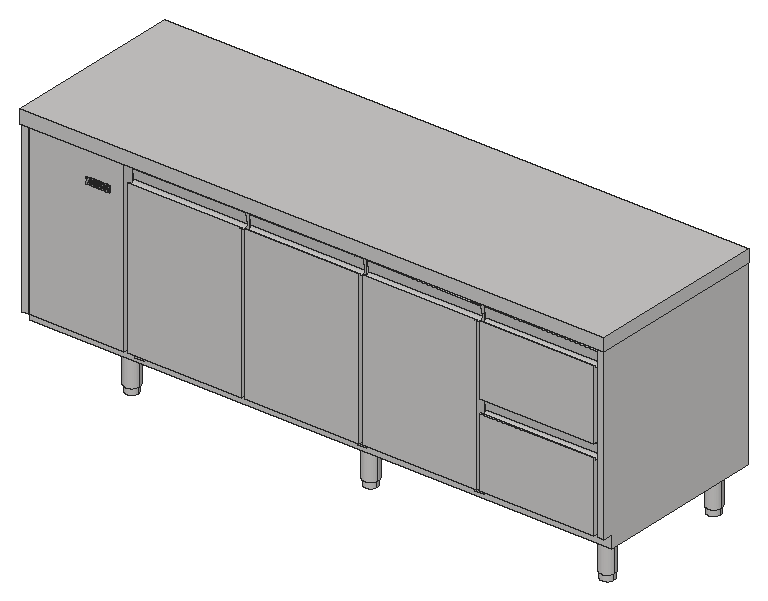
Revit family "QF_ZANUSSI_111057_ZH4HBAAAB", category Specialty Equipment, Revit 2018 (continued)
Definition of nested family "ZAN_Cooling Unit"
  Lines and regions (mm)
    Split face 122
      outline origin (55.016, 2, -209.119) x (0, 0, 1) y (-1, 0, 0)
        loop
          line (510.649, 116.535) -> (510.649, 158.547)
    Split face 123
      outline origin (55.016, 2, -221.122) x (0, 0, 1) y (-1, 0, 0)
        loop
          arc (510.649, 158.547) -> (506.648, 162.548) -> (502.647, 158.547) r 4.001
          line (502.647, 158.547) -> (502.647, 116.535)
          arc (502.647, 116.535) -> (506.648, 112.533) -> (510.649, 116.535) r 4.001
          line (510.649, 116.535) -> (510.649, 158.547)
    Split face 124
      outline origin (55.016, 2, -233.126) x (0, 0, 1) y (-1, 0, 0)
        loop
          arc (510.649, 158.547) -> (506.648, 162.548) -> (502.647, 158.547) r 4.001
          line (502.647, 158.547) -> (502.647, 116.535)
          arc (502.647, 116.535) -> (506.648, 112.533) -> (510.649, 116.535) r 4.001
          line (510.649, 116.535) -> (510.649, 158.547)
    Split face 125
      outline origin (55.016, 2, -245.129) x (0, 0, 1) y (-1, 0, 0)
        loop
          arc (510.649, 158.547) -> (506.648, 162.548) -> (502.647, 158.547) r 4.001
          line (502.647, 158.547) -> (502.647, 116.535)
          arc (502.647, 116.535) -> (506.648, 112.533) -> (510.649, 116.535) r 4.001
          line (510.649, 116.535) -> (510.649, 158.547)
    Split face 126
      outline origin (55.016, 2, -257.133) x (0, 0, 1) y (-1, 0, 0)
        loop
          arc (510.649, 158.547) -> (506.648, 162.548) -> (502.647, 158.547) r 4.001
          line (502.647, 158.547) -> (502.647, 116.535)
          arc (502.647, 116.535) -> (506.648, 112.533) -> (510.649, 116.535) r 4.001
          line (510.649, 116.535) -> (510.649, 158.547)
    Split face 127
      outline origin (55.016, 2, -269.136) x (0, 0, 1) y (-1, 0, 0)
        loop
          arc (510.649, 158.547) -> (506.648, 162.548) -> (502.647, 158.547) r 4.001
          line (502.647, 158.547) -> (502.647, 116.535)
          arc (502.647, 116.535) -> (506.648, 112.533) -> (510.649, 116.535) r 4.001
          line (510.649, 116.535) -> (510.649, 158.547)
    Split face 128
      outline origin (55.016, 2, -281.14) x (0, 0, 1) y (-1, 0, 0)
        loop
          arc (510.649, 158.547) -> (506.648, 162.548) -> (502.647, 158.547) r 4.001
          line (502.647, 158.547) -> (502.647, 116.535)
          arc (502.647, 116.535) -> (506.648, 112.533) -> (510.649, 116.535) r 4.001
          line (510.649, 116.535) -> (510.649, 158.547)
    Split face 129
      outline origin (55.016, 2, -293.144) x (0, 0, 1) y (-1, 0, 0)
        loop
          arc (510.649, 158.547) -> (506.648, 162.548) -> (502.647, 158.547) r 4.001
          line (502.647, 158.547) -> (502.647, 116.535)
          arc (502.647, 116.535) -> (506.648, 112.533) -> (510.649, 116.535) r 4.001
          line (510.649, 116.535) -> (510.649, 158.547)
    Split face 130
      outline origin (110.032, 2, -113.091) x (0, 0, 1) y (-1, 0, 0)
        loop
          arc (510.649, 158.547) -> (506.648, 162.548) -> (502.647, 158.547) r 4.001
          line (502.647, 158.547) -> (502.647, 116.535)
          arc (502.647, 116.535) -> (506.648, 112.533) -> (510.649, 116.535) r 4.001
          line (510.649, 116.535) -> (510.649, 158.547)
    Split face 131
      outline origin (110.032, 2, -125.094) x (0, 0, 1) y (-1, 0, 0)
        loop
          arc (510.649, 158.547) -> (506.648, 162.548) -> (502.647, 158.547) r 4.001
          line (502.647, 158.547) -> (502.647, 116.535)
          arc (502.647, 116.535) -> (506.648, 112.533) -> (510.649, 116.535) r 4.001
          line (510.649, 116.535) -> (510.649, 158.547)
    Split face 132
      outline origin (110.032, 2, -137.098) x (0, 0, 1) y (-1, 0, 0)
        loop
          arc (510.649, 158.547) -> (506.648, 162.548) -> (502.647, 158.547) r 4.001
          line (502.647, 158.547) -> (502.647, 116.535)
          arc (502.647, 116.535) -> (506.648, 112.533) -> (510.649, 116.535) r 4.001
          line (510.649, 116.535) -> (510.649, 158.547)
    Split face 133
      outline origin (110.032, 2, -149.101) x (0, 0, 1) y (-1, 0, 0)
        loop
          arc (510.649, 158.547) -> (506.648, 162.548) -> (502.647, 158.547) r 4.001
          line (502.647, 158.547) -> (502.647, 116.535)
          arc (502.647, 116.535) -> (506.648, 112.533) -> (510.649, 116.535) r 4.001
          line (510.649, 116.535) -> (510.649, 158.547)
    Split face 134
      outline origin (110.032, 2, -161.105) x (0, 0, 1) y (-1, 0, 0)
        loop
          arc (510.649, 158.547) -> (506.648, 162.548) -> (502.647, 158.547) r 4.001
          line (502.647, 158.547) -> (502.647, 116.535)
          arc (502.647, 116.535) -> (506.648, 112.533) -> (510.649, 116.535) r 4.001
          line (510.649, 116.535) -> (510.649, 158.547)
    Split face 135
      outline origin (110.032, 2, -173.108) x (0, 0, 1) y (-1, 0, 0)
        loop
          arc (510.649, 158.547) -> (506.648, 162.548) -> (502.647, 158.547) r 4.001
          line (502.647, 158.547) -> (502.647, 116.535)
          arc (502.647, 116.535) -> (506.648, 112.533) -> (510.649, 116.535) r 4.001
          line (510.649, 116.535) -> (510.649, 158.547)
    Split face 136
      outline origin (110.032, 2, -185.112) x (0, 0, 1) y (-1, 0, 0)
        loop
          arc (510.649, 158.547) -> (506.648, 162.548) -> (502.647, 158.547) r 4.001
          line (502.647, 158.547) -> (502.647, 116.535)
          arc (502.647, 116.535) -> (506.648, 112.533) -> (510.649, 116.535) r 4.001
          line (510.649, 116.535) -> (510.649, 158.547)
    Split face 137
      outline origin (110.032, 2, -197.115) x (0, 0, 1) y (-1, 0, 0)
        loop
          arc (510.649, 158.547) -> (506.648, 162.548) -> (502.647, 158.547) r 4.001
          line (502.647, 158.547) -> (502.647, 116.535)
          arc (502.647, 116.535) -> (506.648, 112.533) -> (510.649, 116.535) r 4.001
          line (510.649, 116.535) -> (510.649, 158.547)
    Split face 138
      outline origin (110.032, 2, -209.119) x (0, 0, 1) y (-1, 0, 0)
        loop
          arc (510.649, 158.547) -> (506.648, 162.548) -> (502.647, 158.547) r 4.001
          line (502.647, 158.547) -> (502.647, 116.535)
          arc (502.647, 116.535) -> (506.648, 112.533) -> (510.649, 116.535) r 4.001
          line (510.649, 116.535) -> (510.649, 158.547)
    Split face 139
      outline origin (110.032, 2, -221.122) x (0, 0, 1) y (-1, 0, 0)
        loop
          arc (510.649, 158.547) -> (506.648, 162.548) -> (502.647, 158.547) r 4.001
          line (502.647, 158.547) -> (502.647, 116.535)
          arc (502.647, 116.535) -> (506.648, 112.533) -> (510.649, 116.535) r 4.001
          line (510.649, 116.535) -> (510.649, 158.547)
    Split face 140
      outline origin (110.032, 2, -233.126) x (0, 0, 1) y (-1, 0, 0)
        loop
          arc (510.649, 158.547) -> (506.648, 162.548) -> (502.647, 158.547) r 4.001
          line (502.647, 158.547) -> (502.647, 116.535)
          arc (502.647, 116.535) -> (506.648, 112.533) -> (510.649, 116.535) r 4.001
          line (510.649, 116.535) -> (510.649, 158.547)
    Split face 141
      outline origin (110.032, 2, -245.129) x (0, 0, 1) y (-1, 0, 0)
        loop
          arc (510.649, 158.547) -> (506.648, 162.548) -> (502.647, 158.547) r 4.001
          line (502.647, 158.547) -> (502.647, 116.535)
          arc (502.647, 116.535) -> (506.648, 112.533) -> (510.649, 116.535) r 4.001
          line (510.649, 116.535) -> (510.649, 158.547)
    Split face 142
      outline origin (110.032, 2, -257.133) x (0, 0, 1) y (-1, 0, 0)
        loop
          arc (510.649, 158.547) -> (506.648, 162.548) -> (502.647, 158.547) r 4.001
          line (502.647, 158.547) -> (502.647, 116.535)
          arc (502.647, 116.535) -> (506.648, 112.533) -> (510.649, 116.535) r 4.001
          line (510.649, 116.535) -> (510.649, 158.547)
    Split face 143
      outline origin (110.032, 2, -269.136) x (0, 0, 1) y (-1, 0, 0)
        loop
          arc (510.649, 158.547) -> (506.648, 162.548) -> (502.647, 158.547) r 4.001
          line (502.647, 158.547) -> (502.647, 116.535)
          arc (502.647, 116.535) -> (506.648, 112.533) -> (510.649, 116.535) r 4.001
          line (510.649, 116.535) -> (510.649, 158.547)
    Split face 144
      outline origin (110.032, 2, -281.14) x (0, 0, 1) y (-1, 0, 0)
        loop
          arc (510.649, 158.547) -> (506.648, 162.548) -> (502.647, 158.547) r 4.001
          line (502.647, 158.547) -> (502.647, 116.535)
          arc (502.647, 116.535) -> (506.648, 112.533) -> (510.649, 116.535) r 4.001
          line (510.649, 116.535) -> (510.649, 158.547)
    Split face 145
      outline origin (110.032, 2, -293.144) x (0, 0, 1) y (-1, 0, 0)
        loop
          arc (510.649, 158.547) -> (506.648, 162.548) -> (502.647, 158.547) r 4.001
          line (502.647, 158.547) -> (502.647, 116.535)
          arc (502.647, 116.535) -> (506.648, 112.533) -> (510.649, 116.535) r 4.001
          line (510.649, 116.535) -> (510.649, 158.547)
    Split face 146
      outline origin (165.048, 2, -113.091) x (0, 0, 1) y (-1, 0, 0)
        loop
          arc (510.649, 158.547) -> (506.648, 162.548) -> (502.647, 158.547) r 4.001
          line (502.647, 158.547) -> (502.647, 116.535)
          arc (502.647, 116.535) -> (506.648, 112.533) -> (510.649, 116.535) r 4.001
          line (510.649, 116.535) -> (510.649, 158.547)
    Split face 147
      outline origin (165.048, 2, -125.094) x (0, 0, 1) y (-1, 0, 0)
        loop
          arc (510.649, 158.547) -> (506.648, 162.548) -> (502.647, 158.547) r 4.001
          line (502.647, 158.547) -> (502.647, 116.535)
          arc (502.647, 116.535) -> (506.648, 112.533) -> (510.649, 116.535) r 4.001
          line (510.649, 116.535) -> (510.649, 158.547)
    Split face 148
      outline origin (165.048, 2, -137.098) x (0, 0, 1) y (-1, 0, 0)
        loop
          arc (510.649, 158.547) -> (506.648, 162.548) -> (502.647, 158.547) r 4.001
          line (502.647, 158.547) -> (502.647, 116.535)
          arc (502.647, 116.535) -> (506.648, 112.533) -> (510.649, 116.535) r 4.001
          line (510.649, 116.535) -> (510.649, 158.547)
    Split face 149
      outline origin (165.048, 2, -149.101) x (0, 0, 1) y (-1, 0, 0)
        loop
          arc (510.649, 158.547) -> (506.648, 162.548) -> (502.647, 158.547) r 4.001
          line (502.647, 158.547) -> (502.647, 116.535)
          arc (502.647, 116.535) -> (506.648, 112.533) -> (510.649, 116.535) r 4.001
          line (510.649, 116.535) -> (510.649, 158.547)
    Split face 150
      outline origin (165.048, 2, -161.105) x (0, 0, 1) y (-1, 0, 0)
        loop
          arc (510.649, 158.547) -> (506.648, 162.548) -> (502.647, 158.547) r 4.001
          line (502.647, 158.547) -> (502.647, 116.535)
          arc (502.647, 116.535) -> (506.648, 112.533) -> (510.649, 116.535) r 4.001
          line (510.649, 116.535) -> (510.649, 158.547)
    Split face 151
      outline origin (165.048, 2, -173.108) x (0, 0, 1) y (-1, 0, 0)
        loop
          arc (510.649, 158.547) -> (506.648, 162.548) -> (502.647, 158.547) r 4.001
          line (502.647, 158.547) -> (502.647, 116.535)
          arc (502.647, 116.535) -> (506.648, 112.533) -> (510.649, 116.535) r 4.001
          line (510.649, 116.535) -> (510.649, 158.547)
    Split face 152
      outline origin (165.048, 2, -185.112) x (0, 0, 1) y (-1, 0, 0)
        loop
          arc (510.649, 158.547) -> (506.648, 162.548) -> (502.647, 158.547) r 4.001
          line (502.647, 158.547) -> (502.647, 116.535)
          arc (502.647, 116.535) -> (506.648, 112.533) -> (510.649, 116.535) r 4.001
          line (510.649, 116.535) -> (510.649, 158.547)
    Split face 153
      outline origin (165.048, 2, -197.115) x (0, 0, 1) y (-1, 0, 0)
        loop
          arc (510.649, 158.547) -> (506.648, 162.548) -> (502.647, 158.547) r 4.001
          line (502.647, 158.547) -> (502.647, 116.535)
          arc (502.647, 116.535) -> (506.648, 112.533) -> (510.649, 116.535) r 4.001
          line (510.649, 116.535) -> (510.649, 158.547)
    Split face 154
      outline origin (165.048, 2, -209.119) x (0, 0, 1) y (-1, 0, 0)
        loop
          arc (510.649, 158.547) -> (506.648, 162.548) -> (502.647, 158.547) r 4.001
          line (502.647, 158.547) -> (502.647, 116.535)
          arc (502.647, 116.535) -> (506.648, 112.533) -> (510.649, 116.535) r 4.001
          line (510.649, 116.535) -> (510.649, 158.547)
    Split face 155
      outline origin (165.048, 2, -221.122) x (0, 0, 1) y (-1, 0, 0)
        loop
          arc (510.649, 158.547) -> (506.648, 162.548) -> (502.647, 158.547) r 4.001
          line (502.647, 158.547) -> (502.647, 116.535)
          arc (502.647, 116.535) -> (506.648, 112.533) -> (510.649, 116.535) r 4.001
          line (510.649, 116.535) -> (510.649, 158.547)
    Split face 156
      outline origin (165.048, 2, -233.126) x (0, 0, 1) y (-1, 0, 0)
        loop
          arc (510.649, 158.547) -> (506.648, 162.548) -> (502.647, 158.547) r 4.001
          line (502.647, 158.547) -> (502.647, 116.535)
          arc (502.647, 116.535) -> (506.648, 112.533) -> (510.649, 116.535) r 4.001
          line (510.649, 116.535) -> (510.649, 158.547)
    Split face 157
      outline origin (165.048, 2, -245.129) x (0, 0, 1) y (-1, 0, 0)
        loop
          arc (510.649, 158.547) -> (506.648, 162.548) -> (502.647, 158.547) r 4.001
          line (502.647, 158.547) -> (502.647, 116.535)
          arc (502.647, 116.535) -> (506.648, 112.533) -> (510.649, 116.535) r 4.001
          line (510.649, 116.535) -> (510.649, 158.547)
    Split face 158
      outline origin (165.048, 2, -257.133) x (0, 0, 1) y (-1, 0, 0)
        loop
          arc (510.649, 158.547) -> (506.648, 162.548) -> (502.647, 158.547) r 4.001
          line (502.647, 158.547) -> (502.647, 116.535)
          arc (502.647, 116.535) -> (506.648, 112.533) -> (510.649, 116.535) r 4.001
          line (510.649, 116.535) -> (510.649, 158.547)
    Split face 159
      outline origin (165.048, 2, -269.136) x (0, 0, 1) y (-1, 0, 0)
        loop
          arc (510.649, 158.547) -> (506.648, 162.548) -> (502.647, 158.547) r 4.001
          line (502.647, 158.547) -> (502.647, 116.535)
          arc (502.647, 116.535) -> (506.648, 112.533) -> (510.649, 116.535) r 4.001
          line (510.649, 116.535) -> (510.649, 158.547)
    Split face 160
      outline origin (165.048, 2, -281.14) x (0, 0, 1) y (-1, 0, 0)
        loop
          arc (510.649, 158.547) -> (506.648, 162.548) -> (502.647, 158.547) r 4.001
          line (502.647, 158.547) -> (502.647, 116.535)
          arc (502.647, 116.535) -> (506.648, 112.533) -> (510.649, 116.535) r 4.001
          line (510.649, 116.535) -> (510.649, 158.547)
    Split face 161
      outline origin (165.048, 2, -293.144) x (0, 0, 1) y (-1, 0, 0)
        loop
          arc (510.649, 158.547) -> (506.648, 162.548) -> (502.647, 158.547) r 4.001
          line (502.647, 158.547) -> (502.647, 116.535)
          arc (502.647, 116.535) -> (506.648, 112.533) -> (510.649, 116.535) r 4.001
          line (510.649, 116.535) -> (510.649, 158.547)
    Split face 162
      outline origin (220.064, 2, -113.091) x (0, 0, 1) y (-1, 0, 0)
        loop
          arc (510.649, 158.547) -> (506.648, 162.548) -> (502.647, 158.547) r 4.001
          line (502.647, 158.547) -> (502.647, 116.535)
          arc (502.647, 116.535) -> (506.648, 112.533) -> (510.649, 116.535) r 4.001
          line (510.649, 116.535) -> (510.649, 158.547)
    Split face 163
      outline origin (220.064, 2, -125.094) x (0, 0, 1) y (-1, 0, 0)
        loop
          arc (510.649, 158.547) -> (506.648, 162.548) -> (502.647, 158.547) r 4.001
          line (502.647, 158.547) -> (502.647, 116.535)
          arc (502.647, 116.535) -> (506.648, 112.533) -> (510.649, 116.535) r 4.001
          line (510.649, 116.535) -> (510.649, 158.547)
    Split face 164
      outline origin (220.064, 2, -137.098) x (0, 0, 1) y (-1, 0, 0)
        loop
          arc (510.649, 158.547) -> (506.648, 162.548) -> (502.647, 158.547) r 4.001
          line (502.647, 158.547) -> (502.647, 116.535)
          arc (502.647, 116.535) -> (506.648, 112.533) -> (510.649, 116.535) r 4.001
          line (510.649, 116.535) -> (510.649, 158.547)
    Split face 165
      outline origin (220.064, 2, -149.101) x (0, 0, 1) y (-1, 0, 0)
        loop
          arc (510.649, 158.547) -> (506.648, 162.548) -> (502.647, 158.547) r 4.001
          line (502.647, 158.547) -> (502.647, 116.535)
          arc (502.647, 116.535) -> (506.648, 112.533) -> (510.649, 116.535) r 4.001
          line (510.649, 116.535) -> (510.649, 158.547)
    Split face 166
      outline origin (220.064, 2, -161.105) x (0, 0, 1) y (-1, 0, 0)
        loop
          arc (510.649, 158.547) -> (506.648, 162.548) -> (502.647, 158.547) r 4.001
          line (502.647, 158.547) -> (502.647, 116.535)
          arc (502.647, 116.535) -> (506.648, 112.533) -> (510.649, 116.535) r 4.001
          line (510.649, 116.535) -> (510.649, 158.547)
    Split face 167
      outline origin (220.064, 2, -173.108) x (0, 0, 1) y (-1, 0, 0)
        loop
          arc (510.649, 158.547) -> (506.648, 162.548) -> (502.647, 158.547) r 4.001
          line (502.647, 158.547) -> (502.647, 116.535)
          arc (502.647, 116.535) -> (506.648, 112.533) -> (510.649, 116.535) r 4.001
          line (510.649, 116.535) -> (510.649, 158.547)
    Split face 168
      outline origin (220.064, 2, -185.112) x (0, 0, 1) y (-1, 0, 0)
        loop
          arc (510.649, 158.547) -> (506.648, 162.548) -> (502.647, 158.547) r 4.001
          line (502.647, 158.547) -> (502.647, 116.535)
          arc (502.647, 116.535) -> (506.648, 112.533) -> (510.649, 116.535) r 4.001
          line (510.649, 116.535) -> (510.649, 158.547)
    Split face 169
      outline origin (220.064, 2, -197.115) x (0, 0, 1) y (-1, 0, 0)
        loop
          arc (510.649, 158.547) -> (506.648, 162.548) -> (502.647, 158.547) r 4.001
          line (502.647, 158.547) -> (502.647, 116.535)
          arc (502.647, 116.535) -> (506.648, 112.533) -> (510.649, 116.535) r 4.001
          line (510.649, 116.535) -> (510.649, 158.547)
    Split face 170
      outline origin (220.064, 2, -209.119) x (0, 0, 1) y (-1, 0, 0)
        loop
          arc (510.649, 158.547) -> (506.648, 162.548) -> (502.647, 158.547) r 4.001
          line (502.647, 158.547) -> (502.647, 116.535)
          arc (502.647, 116.535) -> (506.648, 112.533) -> (510.649, 116.535) r 4.001
          line (510.649, 116.535) -> (510.649, 158.547)
    Split face 171
      outline origin (220.064, 2, -221.122) x (0, 0, 1) y (-1, 0, 0)
        loop
          arc (510.649, 158.547) -> (506.648, 162.548) -> (502.647, 158.547) r 4.001
          line (502.647, 158.547) -> (502.647, 116.535)
          arc (502.647, 116.535) -> (506.648, 112.533) -> (510.649, 116.535) r 4.001
          line (510.649, 116.535) -> (510.649, 158.547)
    Split face 172
      outline origin (220.064, 2, -233.126) x (0, 0, 1) y (-1, 0, 0)
        loop
          arc (510.649, 158.547) -> (506.648, 162.548) -> (502.647, 158.547) r 4.001
          line (502.647, 158.547) -> (502.647, 116.535)
          arc (502.647, 116.535) -> (506.648, 112.533) -> (510.649, 116.535) r 4.001
          line (510.649, 116.535) -> (510.649, 158.547)
    Split face 173
      outline origin (220.064, 2, -245.129) x (0, 0, 1) y (-1, 0, 0)
        loop
          arc (510.649, 158.547) -> (506.648, 162.548) -> (502.647, 158.547) r 4.001
          line (502.647, 158.547) -> (502.647, 116.535)
          arc (502.647, 116.535) -> (506.648, 112.533) -> (510.649, 116.535) r 4.001
          line (510.649, 116.535) -> (510.649, 158.547)
    Split face 174
      outline origin (220.064, 2, -257.133) x (0, 0, 1) y (-1, 0, 0)
        loop
          arc (510.649, 158.547) -> (506.648, 162.548) -> (502.647, 158.547) r 4.001
          line (502.647, 158.547) -> (502.647, 116.535)
          arc (502.647, 116.535) -> (506.648, 112.533) -> (510.649, 116.535) r 4.001
          line (510.649, 116.535) -> (510.649, 158.547)
    Split face 175
      outline origin (220.064, 2, -269.136) x (0, 0, 1) y (-1, 0, 0)
        loop
          arc (510.649, 158.547) -> (506.648, 162.548) -> (502.647, 158.547) r 4.001
          line (502.647, 158.547) -> (502.647, 116.535)
          arc (502.647, 116.535) -> (506.648, 112.533) -> (510.649, 116.535) r 4.001
          line (510.649, 116.535) -> (510.649, 158.547)
    Split face 176
      outline origin (220.064, 2, -281.14) x (0, 0, 1) y (-1, 0, 0)
        loop
          arc (510.649, 158.547) -> (506.648, 162.548) -> (502.647, 158.547) r 4.001
          line (502.647, 158.547) -> (502.647, 116.535)
          arc (502.647, 116.535) -> (506.648, 112.533) -> (510.649, 116.535) r 4.001
          line (510.649, 116.535) -> (510.649, 158.547)
    Split face 177
      outline origin (220.064, 2, -293.144) x (0, 0, 1) y (-1, 0, 0)
        loop
          arc (510.649, 158.547) -> (506.648, 162.548) -> (502.647, 158.547) r 4.001
          line (502.647, 158.547) -> (502.647, 116.535)
          arc (502.647, 116.535) -> (506.648, 112.533) -> (510.649, 116.535) r 4.001
          line (510.649, 116.535) -> (510.649, 158.547)
    Split face 178
      outline origin (275.081, 2, -113.091) x (0, 0, 1) y (-1, 0, 0)
        loop
          arc (510.649, 158.547) -> (506.648, 162.548) -> (502.647, 158.547) r 4.001
          line (502.647, 158.547) -> (502.647, 116.535)
          arc (502.647, 116.535) -> (506.648, 112.533) -> (510.649, 116.535) r 4.001
          line (510.649, 116.535) -> (510.649, 158.547)
    Split face 179
      outline origin (275.081, 2, -125.094) x (0, 0, 1) y (-1, 0, 0)
        loop
          arc (510.649, 158.547) -> (506.648, 162.548) -> (502.647, 158.547) r 4.001
          line (502.647, 158.547) -> (502.647, 116.535)
          arc (502.647, 116.535) -> (506.648, 112.533) -> (510.649, 116.535) r 4.001
          line (510.649, 116.535) -> (510.649, 158.547)
    Split face 180
      outline origin (275.081, 2, -137.098) x (0, 0, 1) y (-1, 0, 0)
        loop
          arc (510.649, 158.547) -> (506.648, 162.548) -> (502.647, 158.547) r 4.001
          line (502.647, 158.547) -> (502.647, 116.535)
          arc (502.647, 116.535) -> (506.648, 112.533) -> (510.649, 116.535) r 4.001
          line (510.649, 116.535) -> (510.649, 158.547)
    Split face 181
      outline origin (275.081, 2, -149.101) x (0, 0, 1) y (-1, 0, 0)
        loop
          arc (510.649, 158.547) -> (506.648, 162.548) -> (502.647, 158.547) r 4.001
          line (502.647, 158.547) -> (502.647, 116.535)
          arc (502.647, 116.535) -> (506.648, 112.533) -> (510.649, 116.535) r 4.001
          line (510.649, 116.535) -> (510.649, 158.547)
    Split face 182
      outline origin (275.081, 2, -161.105) x (0, 0, 1) y (-1, 0, 0)
        loop
          arc (510.649, 158.547) -> (506.648, 162.548) -> (502.647, 158.547) r 4.001
          line (502.647, 158.547) -> (502.647, 116.535)
          arc (502.647, 116.535) -> (506.648, 112.533) -> (510.649, 116.535) r 4.001
          line (510.649, 116.535) -> (510.649, 158.547)
    Split face 183
      outline origin (275.081, 2, -173.108) x (0, 0, 1) y (-1, 0, 0)
        loop
          arc (510.649, 158.547) -> (506.648, 162.548) -> (502.647, 158.547) r 4.001
          line (502.647, 158.547) -> (502.647, 116.535)
          arc (502.647, 116.535) -> (506.648, 112.533) -> (510.649, 116.535) r 4.001
          line (510.649, 116.535) -> (510.649, 158.547)
    Split face 184
      outline origin (275.081, 2, -185.112) x (0, 0, 1) y (-1, 0, 0)
        loop
          arc (510.649, 158.547) -> (506.648, 162.548) -> (502.647, 158.547) r 4.001
          line (502.647, 158.547) -> (502.647, 116.535)
          arc (502.647, 116.535) -> (506.648, 112.533) -> (510.649, 116.535) r 4.001
          line (510.649, 116.535) -> (510.649, 158.547)
    Split face 185
      outline origin (275.081, 2, -197.115) x (0, 0, 1) y (-1, 0, 0)
        loop
          arc (510.649, 158.547) -> (506.648, 162.548) -> (502.647, 158.547) r 4.001
          line (502.647, 158.547) -> (502.647, 116.535)
          arc (502.647, 116.535) -> (506.648, 112.533) -> (510.649, 116.535) r 4.001
          line (510.649, 116.535) -> (510.649, 158.547)
    Split face 186
      outline origin (275.081, 2, -209.119) x (0, 0, 1) y (-1, 0, 0)
        loop
          arc (510.649, 158.547) -> (506.648, 162.548) -> (502.647, 158.547) r 4.001
          line (502.647, 158.547) -> (502.647, 116.535)
          arc (502.647, 116.535) -> (506.648, 112.533) -> (510.649, 116.535) r 4.001
          line (510.649, 116.535) -> (510.649, 158.547)
    Split face 187
      outline origin (275.081, 2, -221.122) x (0, 0, 1) y (-1, 0, 0)
        loop
          arc (510.649, 158.547) -> (506.648, 162.548) -> (502.647, 158.547) r 4.001
          line (502.647, 158.547) -> (502.647, 116.535)
          arc (502.647, 116.535) -> (506.648, 112.533) -> (510.649, 116.535) r 4.001
          line (510.649, 116.535) -> (510.649, 158.547)
    Split face 188
      outline origin (275.081, 2, -233.126) x (0, 0, 1) y (-1, 0, 0)
        loop
          arc (510.649, 158.547) -> (506.648, 162.548) -> (502.647, 158.547) r 4.001
          line (502.647, 158.547) -> (502.647, 116.535)
          arc (502.647, 116.535) -> (506.648, 112.533) -> (510.649, 116.535) r 4.001
          line (510.649, 116.535) -> (510.649, 158.547)
    Split face 189
      outline origin (275.081, 2, -245.129) x (0, 0, 1) y (-1, 0, 0)
        loop
          arc (510.649, 158.547) -> (506.648, 162.548) -> (502.647, 158.547) r 4.001
          line (502.647, 158.547) -> (502.647, 116.535)
          arc (502.647, 116.535) -> (506.648, 112.533) -> (510.649, 116.535) r 4.001
          line (510.649, 116.535) -> (510.649, 158.547)
    Split face 190
      outline origin (275.081, 2, -257.133) x (0, 0, 1) y (-1, 0, 0)
        loop
          arc (510.649, 158.547) -> (506.648, 162.548) -> (502.647, 158.547) r 4.001
          line (502.647, 158.547) -> (502.647, 116.535)
          arc (502.647, 116.535) -> (506.648, 112.533) -> (510.649, 116.535) r 4.001
          line (510.649, 116.535) -> (510.649, 158.547)
    Split face 191
      outline origin (275.081, 2, -269.136) x (0, 0, 1) y (-1, 0, 0)
        loop
          arc (510.649, 158.547) -> (506.648, 162.548) -> (502.647, 158.547) r 4.001
          line (502.647, 158.547) -> (502.647, 116.535)
          arc (502.647, 116.535) -> (506.648, 112.533) -> (510.649, 116.535) r 4.001
          line (510.649, 116.535) -> (510.649, 158.547)
    Split face 192
      outline origin (275.081, 2, -281.14) x (0, 0, 1) y (-1, 0, 0)
        loop
          arc (510.649, 158.547) -> (506.648, 162.548) -> (502.647, 158.547) r 4.001
          line (502.647, 158.547) -> (502.647, 116.535)
          arc (502.647, 116.535) -> (506.648, 112.533) -> (510.649, 116.535) r 4.001
          line (510.649, 116.535) -> (510.649, 158.547)
    Split face 193
      outline origin (275.081, 2, -293.144) x (0, 0, 1) y (-1, 0, 0)
        loop
          arc (510.649, 158.547) -> (506.648, 162.548) -> (502.647, 158.547) r 4.001
          line (502.647, 158.547) -> (502.647, 116.535)
          arc (502.647, 116.535) -> (506.648, 112.533) -> (510.649, 116.535) r 4.001
          line (510.649, 116.535) -> (510.649, 158.547)
    Split face 194
      outline origin (0, 2, 197) x (0, 0, 1) y (-1, 0, 0)
        loop
          spline (566.835, 20.381) -> (564.628, 19.058) -> (561.987, 18.027) -> (558.955, 17.386) -> (555.581, 17.244) -> (551.912, 17.703) -> (547.993, 18.863) -> (543.871, 20.83) -> (539.591, 23.706) -> (535.202, 27.594) -> (530.748, 32.597) -> (526.28, 38.824) -> (521.835, 46.362)
        loop
          spline (521.835, 58.392) -> (525.386, 49.242) -> (529.197, 41.481) -> (533.2, 35.023) -> (537.329, 29.786) -> (541.516, 25.684) -> (545.695, 22.634) -> (549.798, 20.552) -> (553.759, 19.355) -> (557.511, 18.958) -> (560.984, 19.275) -> (564.115, 20.227) -> (566.835, 21.726)
    Split face 195
      outline origin (0, 2, 197) x (0, 0, 1) y (-1, 0, 0)
        loop
          line (555.835, 149.5) -> (532.835, 149.5) -> (532.835, 94.5) -> (555.835, 94.5) -> (555.835, 149.5)
  Dimensions and locks
    aligned and locked: level to plane 2
  Nested families
    nested 1: "ZAN_Logo_S_Grey" at (85, 2, 741.213) x (1, 0, 0) z (0, -1, 0), visible <- "Show Logo", type "ZAN_Logo_S_Grey"
  Definition of nested family "ZAN_Logo_S_Grey"
    Parameters
      Default Elevation = 0 mm
    Reference planes
      plane 1 "Centro (Fronte/Retro)": y = 0
      plane 2: z = 0
      plane 3 "Centro (Sinistra/Destra)": x = 0
    Forms (mm)
      Extrusion 1, solid
        sketch origin (0, 0, 0) x (1, 0, 0) y (0, 1, 0)
          loop
            line (-1219.2, 1219.2) -> (-1219.2, -1219.2) -> (1219.2, -1219.2) -> (1219.2, 1219.2) -> (-1219.2, 1219.2)
        from 0 to -304.8
      Extrusion 2, solid
        sketch origin (17.793, -46.218, 0) x (-1, 0, 0) y (0, -1, 0)
          loop
            spline (-4.176, -58.079) -> (-3.496, -58.328) -> (-2.793, -58.512) -> (-2.075, -58.63) -> (-1.348, -58.682) -> (-0.619, -58.669) -> (0.106, -58.588) -> (0.818, -58.44) -> (1.512, -58.225) -> (2.18, -57.941) -> (2.817, -57.589) -> (3.414, -57.167) -> (3.966, -56.676)
            spline (3.966, -56.676) -> (4.293, -56.162) -> (4.575, -55.61) -> (4.81, -55.026) -> (5, -54.419) -> (5.146, -53.797) -> (5.247, -53.166) -> (5.304, -52.536) -> (5.318, -51.913) -> (5.288, -51.306) -> (5.217, -50.723) -> (5.103, -50.17) -> (4.949, -49.657)
            line (4.949, -49.657) -> (2.702, -46.428) -> (0.316, -44.323)
            spline (0.316, -44.323) -> (0.065, -44.115) -> (-0.195, -43.909) -> (-0.46, -43.704) -> (-0.729, -43.496) -> (-0.997, -43.282) -> (-1.263, -43.059) -> (-1.523, -42.825) -> (-1.774, -42.576) -> (-2.013, -42.309) -> (-2.238, -42.022) -> (-2.445, -41.712) -> (-2.632, -41.375)
            spline (-2.632, -41.375) -> (-2.666, -41.159) -> (-2.697, -40.934) -> (-2.722, -40.701) -> (-2.736, -40.465) -> (-2.736, -40.227) -> (-2.72, -39.989) -> (-2.682, -39.754) -> (-2.621, -39.524) -> (-2.533, -39.302) -> (-2.414, -39.091) -> (-2.261, -38.892) -> (-2.07, -38.708)
            line (-2.07, -38.708) -> (-0.245, -38.567)
            spline (-0.245, -38.567) -> (0.096, -38.8) -> (0.354, -39.074) -> (0.54, -39.381) -> (0.664, -39.716) -> (0.738, -40.073) -> (0.772, -40.445) -> (0.777, -40.825) -> (0.763, -41.208) -> (0.742, -41.588) -> (0.723, -41.957) -> (0.718, -42.309) -> (0.737, -42.638)
            line (0.737, -42.638) -> (5.65, -42.638)
            spline (5.65, -42.638) -> (5.708, -42.042) -> (5.741, -41.448) -> (5.747, -40.857) -> (5.723, -40.273) -> (5.668, -39.696) -> (5.58, -39.129) -> (5.457, -38.574) -> (5.297, -38.032) -> (5.098, -37.506) -> (4.857, -36.997) -> (4.574, -36.508) -> (4.247, -36.041)
            spline (4.247, -36.041) -> (3.844, -35.675) -> (3.409, -35.35) -> (2.946, -35.065) -> (2.458, -34.819) -> (1.949, -34.612) -> (1.421, -34.444) -> (0.88, -34.314) -> (0.326, -34.221) -> (-0.234, -34.165) -> (-0.8, -34.146) -> (-1.366, -34.163) -> (-1.93, -34.216)
            spline (-1.93, -34.216) -> (-2.526, -34.309) -> (-3.116, -34.448) -> (-3.695, -34.633) -> (-4.259, -34.861) -> (-4.801, -35.131) -> (-5.316, -35.444) -> (-5.799, -35.798) -> (-6.245, -36.191) -> (-6.648, -36.624) -> (-7.002, -37.095) -> (-7.303, -37.603) -> (-7.545, -38.146)
            spline (-7.545, -38.146) -> (-7.694, -38.815) -> (-7.792, -39.487) -> (-7.839, -40.158) -> (-7.836, -40.824) -> (-7.785, -41.482) -> (-7.685, -42.129) -> (-7.539, -42.762) -> (-7.347, -43.377) -> (-7.111, -43.97) -> (-6.83, -44.538) -> (-6.506, -45.078) -> (-6.141, -45.586)
            line (-6.141, -45.586) -> (-0.526, -50.64) -> (0.176, -51.482)
            spline (0.176, -51.482) -> (0.248, -51.66) -> (0.323, -51.843) -> (0.397, -52.03) -> (0.467, -52.22) -> (0.529, -52.412) -> (0.579, -52.605) -> (0.615, -52.798) -> (0.633, -52.989) -> (0.63, -53.179) -> (0.601, -53.366) -> (0.545, -53.55) -> (0.456, -53.728)
            spline (0.456, -53.728) -> (0.375, -53.892) -> (0.273, -54.034) -> (0.154, -54.155) -> (0.02, -54.258) -> (-0.126, -54.343) -> (-0.28, -54.412) -> (-0.441, -54.466) -> (-0.604, -54.508) -> (-0.767, -54.537) -> (-0.928, -54.556) -> (-1.082, -54.567) -> (-1.228, -54.57)
            line (-1.228, -54.57) -> (-2.632, -53.587) -> (-2.772, -50.64) -> (-7.405, -50.64)
            spline (-7.405, -50.64) -> (-7.41, -51.031) -> (-7.423, -51.432) -> (-7.44, -51.839) -> (-7.456, -52.251) -> (-7.469, -52.665) -> (-7.475, -53.079) -> (-7.468, -53.489) -> (-7.446, -53.894) -> (-7.404, -54.291) -> (-7.339, -54.679) -> (-7.247, -55.053) -> (-7.123, -55.412)
            spline (-7.123, -55.412) -> (-6.999, -55.693) -> (-6.837, -55.97) -> (-6.643, -56.244) -> (-6.422, -56.509) -> (-6.177, -56.765) -> (-5.913, -57.009) -> (-5.634, -57.238) -> (-5.346, -57.45) -> (-5.051, -57.643) -> (-4.755, -57.814) -> (-4.462, -57.96) -> (-4.176, -58.079)
          loop
            spline (-21.021, -55.552) -> (-20.633, -56.181) -> (-20.177, -56.736) -> (-19.661, -57.217) -> (-19.092, -57.627) -> (-18.478, -57.966) -> (-17.827, -58.237) -> (-17.147, -58.441) -> (-16.446, -58.578) -> (-15.73, -58.652) -> (-15.009, -58.662) -> (-14.29, -58.611) -> (-13.581, -58.5)
            spline (-13.581, -58.5) -> (-13.088, -58.407) -> (-12.595, -58.269) -> (-12.109, -58.088) -> (-11.636, -57.866) -> (-11.183, -57.605) -> (-10.756, -57.307) -> (-10.361, -56.974) -> (-10.004, -56.608) -> (-9.692, -56.211) -> (-9.431, -55.784) -> (-9.228, -55.33) -> (-9.089, -54.851)
            spline (-9.089, -54.851) -> (-8.873, -54.211) -> (-8.715, -53.559) -> (-8.615, -52.901) -> (-8.574, -52.241) -> (-8.592, -51.585) -> (-8.668, -50.938) -> (-8.802, -50.306) -> (-8.995, -49.693) -> (-9.247, -49.106) -> (-9.557, -48.55) -> (-9.925, -48.03) -> (-10.352, -47.551)
            line (-10.352, -47.551) -> (-15.546, -42.919) -> (-16.669, -41.234)
            spline (-16.669, -41.234) -> (-16.704, -41.021) -> (-16.735, -40.804) -> (-16.761, -40.583) -> (-16.778, -40.361) -> (-16.784, -40.139) -> (-16.774, -39.919) -> (-16.748, -39.701) -> (-16.7, -39.488) -> (-16.63, -39.28) -> (-16.533, -39.08) -> (-16.406, -38.889) -> (-16.248, -38.708)
            line (-16.248, -38.708) -> (-14.844, -38.427)
            spline (-14.844, -38.427) -> (-14.347, -38.545) -> (-13.969, -38.749) -> (-13.695, -39.028) -> (-13.508, -39.368) -> (-13.393, -39.757) -> (-13.335, -40.182) -> (-13.318, -40.63) -> (-13.326, -41.089) -> (-13.344, -41.546) -> (-13.356, -41.988) -> (-13.347, -42.403) -> (-13.3, -42.779)
            line (-13.3, -42.779) -> (-8.387, -42.638)
            spline (-8.387, -42.638) -> (-8.326, -42.034) -> (-8.288, -41.417) -> (-8.277, -40.794) -> (-8.299, -40.169) -> (-8.357, -39.548) -> (-8.457, -38.936) -> (-8.604, -38.339) -> (-8.803, -37.762) -> (-9.058, -37.21) -> (-9.375, -36.689) -> (-9.758, -36.204) -> (-10.212, -35.76)
            spline (-10.212, -35.76) -> (-10.793, -35.336) -> (-11.409, -34.976) -> (-12.054, -34.679) -> (-12.723, -34.445) -> (-13.409, -34.273) -> (-14.107, -34.163) -> (-14.811, -34.115) -> (-15.515, -34.127) -> (-16.213, -34.2) -> (-16.899, -34.333) -> (-17.568, -34.526) -> (-18.213, -34.777)
            spline (-18.213, -34.777) -> (-18.496, -34.897) -> (-18.783, -35.044) -> (-19.071, -35.216) -> (-19.357, -35.412) -> (-19.639, -35.629) -> (-19.915, -35.865) -> (-20.182, -36.119) -> (-20.438, -36.389) -> (-20.681, -36.672) -> (-20.907, -36.967) -> (-21.115, -37.272) -> (-21.301, -37.585)
            spline (-21.301, -37.585) -> (-21.55, -38.26) -> (-21.734, -38.948) -> (-21.854, -39.647) -> (-21.91, -40.351) -> (-21.901, -41.057) -> (-21.828, -41.761) -> (-21.69, -42.459) -> (-21.489, -43.148) -> (-21.222, -43.823) -> (-20.892, -44.48) -> (-20.497, -45.116) -> (-20.038, -45.726)
            line (-20.038, -45.726) -> (-14.142, -51.061) -> (-13.44, -52.886) -> (-14.002, -54.289) -> (-15.265, -54.57) -> (-16.669, -53.587) -> (-16.81, -50.78) -> (-21.582, -50.64)
            spline (-21.582, -50.64) -> (-21.558, -51.063) -> (-21.55, -51.491) -> (-21.554, -51.92) -> (-21.561, -52.35) -> (-21.567, -52.778) -> (-21.565, -53.201) -> (-21.547, -53.619) -> (-21.509, -54.029) -> (-21.444, -54.43) -> (-21.345, -54.818) -> (-21.206, -55.193) -> (-21.021, -55.552)
          loop
            line (-22.424, -34.216) -> (-27.337, -34.216) -> (-27.337, -58.22) -> (-22.424, -58.22) -> (-22.424, -34.216)
          loop
            line (14.213, -39.971) -> (14.213, -58.22) -> (19.126, -58.22) -> (19.126, -42.077) -> (18.845, -38.146) -> (18.424, -37.164) -> (17.442, -35.9) -> (16.459, -35.199) -> (14.494, -34.356) -> (13.511, -34.216) -> (11.265, -34.216) -> (10.142, -34.497) -> (8.458, -35.479) -> (6.493, -38.287) -> (6.352, -39.269) -> (6.352, -58.22) -> (11.265, -58.22) -> (11.265, -40.392) -> (11.827, -39.129) -> (13.371, -38.988) -> (14.213, -39.971)
          loop
            line (20.249, -58.22) -> (24.741, -58.22) -> (24.741, -42.919) -> (28.812, -58.22) -> (34.006, -58.22) -> (34.006, -34.216) -> (29.654, -34.216) -> (29.654, -50.078) -> (25.583, -34.216) -> (20.249, -34.216) -> (20.249, -58.22)
          loop
            line (50.149, -58.22) -> (62.361, -58.22) -> (62.361, -53.728) -> (55.904, -53.868) -> (62.923, -39.129) -> (62.923, -34.216) -> (50.149, -34.216) -> (50.149, -39.129) -> (57.517, -39.129) -> (50.149, -54.149) -> (50.149, -58.22)
          loop
            line (38.778, -58.22) -> (45.516, -58.22) -> (49.868, -34.216) -> (44.814, -34.216) -> (44.113, -38.848) -> (40.042, -38.848) -> (39.34, -34.216) -> (34.286, -34.216) -> (38.778, -58.22)
          loop
            line (43.551, -43.2) -> (40.744, -43.2) -> (42.147, -54.117) -> (43.551, -43.2)
        from 0 to 1.644
    Dimensions and locks
      aligned and locked: plane 2 to Extrusion 1
      aligned and locked: level to Extrusion 1
Definition of nested family "Refrigerator"
  Reference planes
    plane 1 "Center (Front/Back)": y = 0
    plane 2: z = 0
    plane 3 "Center (Left/Right)": x = 0
  Lines and regions (mm)
    detail lines, in view "Ref. Level"
      curve 1: spline (-500, 190, 0) -> (-493.185, 166.706, 0) -> (-473.205, 145, 0) -> (-441.421, 126.36, 0) -> (-400, 112.058, 0) -> (-351.764, 103.067, 0) -> (-300, 100, 0) -> (-248.236, 103.067, 0) -> (-200, 112.058, 0) -> (-158.579, 126.36, 0) -> (-126.795, 145, 0) -> (-106.815, 166.706, 0) -> (-100, 190, 0) -> (-106.815, 213.294, 0) -> (-126.795, 235, 0) -> (-158.579, 253.64, 0) -> (-200, 267.942, 0) -> (-248.236, 276.933, 0) -> (-300, 280, 0) -> (-351.764, 276.933, 0) -> (-400, 267.942, 0) -> (-441.421, 253.64, 0) -> (-473.205, 235, 0) -> (-493.185, 213.294, 0) -> (-500, 190, 0)
      curve 2: line (-300, 130, 0) -> (-300, 250, 0)
      curve 3: line (-351.962, 220, 0) -> (-248.038, 160, 0)
      curve 4: line (-351.962, 160, 0) -> (-248.038, 220, 0)
      curve 5: line (-280.884, 246.873, 0) -> (-300, 225, 0)
      curve 6: line (-300, 225, 0) -> (-319.116, 246.873, 0)
      curve 7: line (-330.311, 207.5, 0) -> (-339.696, 234.992, 0)
      curve 8: line (-358.812, 201.882, 0) -> (-330.311, 207.5, 0)
      curve 9: line (-330.311, 172.5, 0) -> (-358.812, 178.118, 0)
      curve 10: line (-339.696, 145.008, 0) -> (-330.311, 172.5, 0)
      curve 11: line (-300, 155, 0) -> (-319.116, 133.127, 0)
      curve 12: line (-280.884, 133.127, 0) -> (-300, 155, 0)
      curve 13: line (-269.689, 172.5, 0) -> (-260.304, 145.008, 0)
      curve 14: line (-241.188, 178.118, 0) -> (-269.689, 172.5, 0)
      curve 15: line (-269.689, 207.5, 0) -> (-241.188, 201.882, 0)
      curve 16: line (-260.304, 234.992, 0) -> (-269.689, 207.5, 0)
